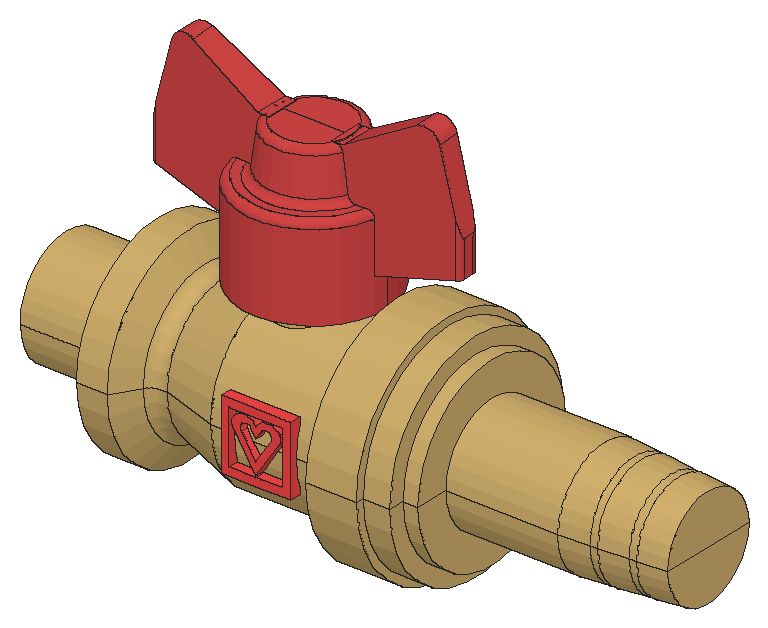
Revit family "Boiler filling and draining valve with hose grommet 2512 01 (02)", category Rohrzubehör, Revit 2020
Family settings
  Bemaßung runder Anschluss = Durchmesser verwenden
  Teiletyp = Normal
  OmniClass-Nummer = 23.65.55.14
  OmniClass-Titel = Valves for Liquid Services
  Arbeitsebenenbasiert = Nein
  Immer vertikal = Ja
  Beim Laden mit Abzugskörper schneiden = Nein
  Gemeinsam genutzt = Nein
Parameters
  min. Operating temperature = -30 °C  # constant formula
  max. Operating temperature = 110 °C  # constant formula
  max. Operating pressure = 1000000.0 Pa  # constant formula
  W1 = 60.00°  # constant formula
  Vorgabe-Ansicht = 0.000 mm
  URL = "www.herzvalves.com"
  Spindle = "brass CW614N"  # constant formula
  SCTWSEQ = "ENT;AO;1"
  SCTWCODE = "01;10;01"  # constant formula
  SCRNSEQ = "ARM;ARM_TYP=\"ABSV\";1"
  SCRNCODE = "05;08;01"  # constant formula
  S04 = 6.500 mm  # constant formula
  S03 [instance] = (L06 / 2) + L07 + L08 + L09 + L100  # 36.750 mm
  S02 [instance] = L05 + (L06 / 2)  # 14.250 mm
  S01 [instance] = L00 - (L08 + L09 + L100)  # 53.000 mm
  R99 = 2.000 mm  # constant formula
  R01 [instance] = if(Nennweite = 15.000 mm, 5.500 mm, if(Nennweite = 20.000 mm, 6.000 mm, 1.000 mm))  # 5.500 mm
  Part number [instance] = if(Nennweite = 15.000 mm, 1251201, if(Nennweite = 20.000 mm, 1251202, 0))  # 1251201
  Nennweite [instance] = 15.000 mm
  Medium = "heating water according ÖNORM H5195 or VDI-Standard 2035.\r\nthe use of ethylene, or propylene glycol in a mixing ratio 25-50% is allowed."
  LO1 = 2.500 mm  # constant formula
  L12 = 3.800 mm  # constant formula
  L11 = 8.600 mm  # constant formula
  L100 = 14.600 mm  # constant formula
  L10 = 1.000 mm  # constant formula
  L09 = 13.400 mm  # constant formula
  L08 = 2.000 mm  # constant formula
  L07 = 3.500 mm  # constant formula
  L06 = 6.500 mm  # constant formula
  L05 [instance] = if(Nennweite = 15.000 mm, 11.000 mm, if(Nennweite = 20.000 mm, 14.400 mm, 1.000 mm))  # 11.000 mm
  L04 = 4.000 mm  # constant formula
  L03 [instance] = if(Nennweite = 15.000 mm, 4.000 mm, if(Nennweite = 20.000 mm, 6.000 mm, 1.000 mm))  # 4.000 mm
  L02 [instance] = if(Nennweite = 15.000 mm, 12.000 mm, if(Nennweite = 20.000 mm, 15.000 mm, 1.000 mm))  # 12.000 mm
  L01 [instance] = if(Nennweite = 15.000 mm, 32.000 mm, if(Nennweite = 20.000 mm, 37.600 mm, 1.000 mm))  # 32.000 mm
  L00 [instance] = if(Nennweite = 15.000 mm, 83.000 mm, if(Nennweite = 20.000 mm, 92.000 mm, 1.000 mm))  # 83.000 mm
  Ball = "forged brass CW617N, full bore, surface chrome plated"  # constant formula
  Handle = "aluminium red painted"  # constant formula
  Hersteller = "Herz-Armaturen GmbH"  # constant formula
  H01 [instance] = if(Nennweite = 15.000 mm, 17.000 mm, if(Nennweite = 20.000 mm, 21.000 mm, 1.000 mm))  # 17.000 mm
  H00 [instance] = if(Nennweite = 15.000 mm, 37.000 mm, if(Nennweite = 20.000 mm, 40.000 mm, 1.000 mm))  # 37.000 mm
  Body = "forged brass CW617N"  # constant formula
  G01 [instance] = Nennweite / 2  # 7.500 mm
  Sealings = "ball: PTFE; spindle: PTFE"  # constant formula
  D07 = 6.500 mm  # constant formula
  D06 = 7.500 mm  # constant formula
  D05 = 11.900 mm  # constant formula
  D04 = 14.000 mm  # constant formula
  D03 = 15.000 mm  # constant formula
  D02 [instance] = if(Nennweite = 15.000 mm, 11.700 mm, if(Nennweite = 20.000 mm, 13.900 mm, 1.000 mm))  # 11.700 mm
  D01 [instance] = if(Nennweite = 15.000 mm, 13.400 mm, if(Nennweite = 20.000 mm, 16.500 mm, 1.000 mm))  # 13.400 mm
  Application = "the drain valves are installed as valves to fill and drain systems.\r\nfields of application are building services, such as in heating or chilled water plant in buildings.\r\naromatic chlorinated hydrocarbons such as natural gas or petroleum occurring in, destroy the EPDM seals."
Reference planes
  plane 1 "Mitte (Vorne/hinten)": y = 0
  plane 2: z = 0
  plane 3 "Mitte (Links/rechts)": x = 0
Forms (mm)
  Revolve 1, solid, material "Messing", detail levels fine
    sketch origin (0, 0, 0) x (1, 0, 0) y (0, 1, 0)
      loop
        line (51, 0) -> (51, 6.5) -> (47.2, 6.832) -> (46.2, 6.832) -> (42.4, 7.165) -> (41.4, 7.168) -> (37.6, 7.5) -> (23, 7.5) -> (23, 11.9) -> (21, 11.9) -> (21, 14) -> (17.5, 14) -> (17.5, 15) -> (11, 15) -> (11, 11.7) -> (-4, 11.7) -> (-11.723, 9.187)
        arc (-11.723, 9.187) -> (-13.067, 9.216) -> (-14.089, 10.091) r 2
        line (-14.089, 10.091) -> (-16, 13.4) -> (-20, 13.4) -> (-20, 7.5) -> (-32, 7.5) -> (-32, 0) -> (51, 0)
      axis (51, 0) -> (-32, 0)
    angle from 0 to 360
  Revolve 2, solid, material "Messing", detail levels fine
    sketch origin (0, 0, 0) x (1, 0, 0) y (0, 0, 1)
      loop
        line (0, 0) -> (0, 17) -> (-5.5, 17) -> (-5.5, 0) -> (0, 0)
      axis (0, 17) -> (0, 0)
    angle from 0 to 360
Lines and regions (mm)
  model lines, detail levels coarse+medium
    curve 1: line (-32, 0, 0) -> (21, 0, 0)
    curve 2: line (14.25, 0, 15) -> (14.25, 0, -15)
    curve 3: line (21, 0, 0) -> (51, 0, -6.5)
    curve 4: line (14.25, 15, 0) -> (14.25, -15, 0)
    curve 5: line (21, 0, 0) -> (51, -6.5, 0)
Dimensions and locks
  "L00": Revolve 1 sketch curve to Revolve 1 sketch curve
  "L01": Revolve 1 sketch curve to plane 3 "Mitte (Links/rechts)"
  "L02": Revolve 1 sketch curve to Revolve 1 sketch curve
  "L03": Revolve 1 sketch curve to Revolve 1 sketch curve
  "L04": Revolve 1 sketch curve to plane 3 "Mitte (Links/rechts)"
  "L05": plane 3 "Mitte (Links/rechts)" to Revolve 1 sketch curve
  "L06": Revolve 1 sketch curve to Revolve 1 sketch curve
  "L07": Revolve 1 sketch curve to Revolve 1 sketch curve
  "L08": Revolve 1 sketch curve to Revolve 1 sketch curve
  "L12": Revolve 1 sketch curve to Revolve 1 sketch curve
  "L10": Revolve 1 sketch curve to Revolve 1 sketch curve  (x2)
  "L11": Revolve 1 sketch curve to Revolve 1 sketch curve
  "L09": Revolve 1 sketch curve to Revolve 1 sketch curve
  "L100": Revolve 1 sketch curve to Revolve 1 sketch curve
  "H01": Revolve 2 sketch curve to plane 2
  "R01": plane 3 "Mitte (Links/rechts)" to Revolve 2 sketch curve
  "H00": nested 1 to plane 2
  "S01": curve 1 to curve 1
  "L01": plane 3 "Mitte (Links/rechts)" to curve 1
  "S02": plane 3 "Mitte (Links/rechts)" to curve 2
  "S03": curve 2 to curve 3
  "S04": plane 2 to curve 3
  "S02": plane 3 "Mitte (Links/rechts)" to curve 4
  "S03": curve 4 to curve 5
  "S04": curve 5 to plane 1 "Mitte (Vorne/hinten)"
  "G01": plane 1 "Mitte (Vorne/hinten)" to Revolve 1 sketch curve
  "D01": plane 1 "Mitte (Vorne/hinten)" to Revolve 1 sketch curve
  "D02": Revolve 1 sketch curve to plane 1 "Mitte (Vorne/hinten)"
  "D03": plane 1 "Mitte (Vorne/hinten)" to Revolve 1 sketch curve
  "D04": plane 1 "Mitte (Vorne/hinten)" to Revolve 1 sketch curve
  "D05": plane 1 "Mitte (Vorne/hinten)" to Revolve 1 sketch curve
  "D06": plane 1 "Mitte (Vorne/hinten)" to Revolve 1 sketch curve
  "D07": plane 1 "Mitte (Vorne/hinten)" to Revolve 1 sketch curve
  "D02": nested 2 to plane 1 "Mitte (Vorne/hinten)"
  "LO1": plane 3 "Mitte (Links/rechts)" to nested 2
  "R99": radius of Revolve 1 sketch curve
  angle Revolve 1 sketch curve to Revolve 1 sketch curve = 95.00°  (x3)
  "W1": angle Revolve 1 sketch curve to Revolve 1 sketch curve
  aligned and locked: level to plane 2
Automatic sketch dimensions
  Revolve 2 sketch curve to level = 0.000 mm
  Revolve 2 sketch curve to plane 3 "Mitte (Links/rechts)" = 0.000 mm  (x2)
  Revolve 2 sketch curve to level = 366.045 mm
  Revolve 2 sketch curve to Revolve 2 sketch curve = 2197.315 mm
  curve 1 to level = 0.000 mm
  curve 2 to level = 15.000 mm
  level to curve 2 = 15.000 mm
  plane 1 "Mitte (Vorne/hinten)" to curve 5 = 0.000 mm
  curve 4 to curve 5 = 6.750 mm
  plane 1 "Mitte (Vorne/hinten)" to curve 4 = 15.000 mm
  curve 4 to plane 1 "Mitte (Vorne/hinten)" = 15.000 mm
  Revolve 1 sketch curve to plane 1 "Mitte (Vorne/hinten)" = 0.000 mm
  plane 1 "Mitte (Vorne/hinten)" to Revolve 1 sketch curve = 0.000 mm
  Revolve 1 sketch curve to plane 1 "Mitte (Vorne/hinten)" = 10.091 mm
  Revolve 1 sketch curve to Revolve 1 sketch curve = 1.736 mm
  Revolve 1 sketch curve to plane 1 "Mitte (Vorne/hinten)" = 9.187 mm
  Revolve 1 sketch curve to Revolve 1 sketch curve = 1968.000 mm
  Revolve 1 sketch curve to Revolve 1 sketch curve = 1949.000 mm
Nested families
  nested 1: "Flügelgriff rot" at (0, 0, 13.1), type "Flügelgriff rot", detail levels fine
  nested 2: "Herz-Logo-vorne" at (2.5, -11.7, 0) x (0, 1, 0) z (0, 0, 1), type "Herz-Logo-vorne"
Connectors
  piping at (-32, 0, 0), diameter 15, driven by "Nennweite"
    settings: on Revolve 1, index 1, connector inside diameter 609.6 mm, connector length 0.000 mm, flow factor 0, pipe flow 0.0 L/s, pressure drop 0.0 Pa, fitting loss kfactor 0, connector angle 0.00°, fixture units 0, engagement length 0.000 mm, angle of deflection 0.00°, flow configuration 0, flow direction 0, fitting loss method 0, system type 29, joint type 0, gender type 0, connector reference index -1, connector utility 0, adjustable connector no, is connector primary yes, connector description ""
Definition of nested family "Flügelgriff rot"
  Parameters (values of type "Flügelgriff rot")
    Default Elevation = 0.000 mm
  Reference planes
    plane 1 "Mitte (Vorne/hinten)": y = 0
    plane 2: z = 0
    plane 3 "Mitte (Links/rechts)": x = 0
  Forms (mm)
    Revolve 1, solid, detail levels fine
      sketch origin (0, 0, 0) x (1, 0, 0) y (0, 0, 1)
        loop
          line (0, 0) -> (0, 18.5) -> (-4.81, 18.5)
          arc (-4.81, 18.5) -> (-5.477, 18.248) -> (-5.81, 17.616) r 1.009
          line (-5.81, 17.616) -> (-6.39, 12.983)
          arc (-6.39, 12.983) -> (-6.723, 12.352) -> (-7.39, 12.1) r 1.008
          line (-7.39, 12.1) -> (-8.543, 12.1)
          arc (-8.543, 12.1) -> (-9.22, 11.82) -> (-9.5, 11.143) r 0.957
          line (-9.5, 11.143) -> (-9.5, 0) -> (0, 0)
        axis (0, 18.5) -> (0, 0)
      angle from 0 to 360
    Extrusion 2, solid, detail levels fine
      sketch origin (0, 0, 0) x (1, 0, 0) y (0, 1, 0)
        loop
          arc (-20, -0.627) -> (-19.829, -1.058) -> (-19.409, -1.256) r 0.63
          line (-19.409, -1.256) -> (-4, -2.231) -> (-4, 2.225) -> (-19.471, 1.312)
          arc (-19.471, 1.312) -> (-19.847, 1.137) -> (-20, 0.752) r 0.562
          line (-20, 0.752) -> (-20, -0.627)
        loop
          line (20, -0.627) -> (20, 0.752)
          arc (20, 0.752) -> (19.847, 1.137) -> (19.471, 1.312) r 0.562
          line (19.471, 1.312) -> (4.042, 2.223) -> (4.042, -2.228) -> (19.409, -1.256)
          arc (19.409, -1.256) -> (19.829, -1.058) -> (20, -0.627) r 0.63
      from 4.6 to 23.9
    Extrusion 3, void
      sketch origin (0, 0, 0) x (1, 0, 0) y (0, 0, 1)
        loop
          line (-9.5, 4.6) -> (-20, 7.413) -> (-20, 4.6) -> (-9.5, 4.6)
        loop
          line (9.5, 4.6) -> (20, 4.6) -> (20, 7.413) -> (9.5, 4.6)
      from 5 to -5
    Extrusion 4, void
      sketch origin (0, 0, 0) x (1, 0, 0) y (0, 0, 1)
        loop
          line (-5.5, 18.5) -> (5.5, 18.5) -> (14.401, 23.633)
          arc (14.401, 23.633) -> (16.174, 23.744) -> (17.336, 22.401) r 2
          line (17.336, 22.401) -> (20, 12.113) -> (20, 25.076) -> (-20, 25.076) -> (-20, 12.113) -> (-17.336, 22.401)
          arc (-17.336, 22.401) -> (-16.174, 23.744) -> (-14.401, 23.633) r 2
          line (-14.401, 23.633) -> (-5.5, 18.5)
      from 5 to -5
  Cuts and joins
    Extrusion 3, Extrusion 4 cuts Extrusion 2
    Extrusion 4 cuts Revolve 1
  Dimensions and locks
    aligned and locked: level to plane 2
Definition of nested family "Herz-Logo-vorne"
  Parameters (values of type "Herz-Logo-vorne")
    Default Elevation = 0.000 mm
  Reference planes
    plane 1 "Mitte (Vorne/hinten)": y = 0
    plane 2: z = 0
    plane 3 "Mitte (Links/rechts)": x = 0
  Forms (mm)
    Extrusion 1, solid
      sketch origin (0.732, -0.018, 0.017) x (0, -1, 0) y (0, 0, 1)
        loop
          line (-0.018, -4.517) -> (4.482, -4.517) -> (4.482, 4.483) -> (-4.518, 4.483) -> (-4.518, -4.517) -> (-0.018, -4.517)
        loop
          line (-0.05, -3.48) -> (3.482, -3.48) -> (3.482, 3.483) -> (-3.518, 3.483) -> (-3.518, -3.48) -> (-0.05, -3.48)
        loop
          arc (-0.018, 2.383) -> (-1.543, 3.287) -> (-3.067, 2.383) r 1.738
          arc (-3.067, 2.383) -> (-3.191, 1.899) -> (-3.067, 1.415) r 1.009
          line (-3.067, 1.415) -> (-0.018, -3.281) -> (3.032, 1.415)
          arc (3.032, 1.415) -> (3.156, 1.899) -> (3.032, 2.383) r 1.009
          arc (3.032, 2.383) -> (1.507, 3.287) -> (-0.018, 2.383) r 1.738
        loop
          arc (1.885, 1.272) -> (2.005, 1.675) -> (1.885, 2.079) r 0.74
          arc (1.885, 2.079) -> (1.265, 2.416) -> (0.644, 2.079) r 0.74
          line (0.644, 2.079) -> (-0.018, 0.97) -> (-0.679, 2.079)
          arc (-0.679, 2.079) -> (-1.3, 2.416) -> (-1.921, 2.079) r 0.74
          arc (-1.921, 2.079) -> (-2.04, 1.675) -> (-1.921, 1.272) r 0.74
          line (-1.921, 1.272) -> (-0.018, -1.658) -> (1.885, 1.272)
      from 0 to 1.5
  Dimensions and locks
    aligned and locked: level to plane 2
